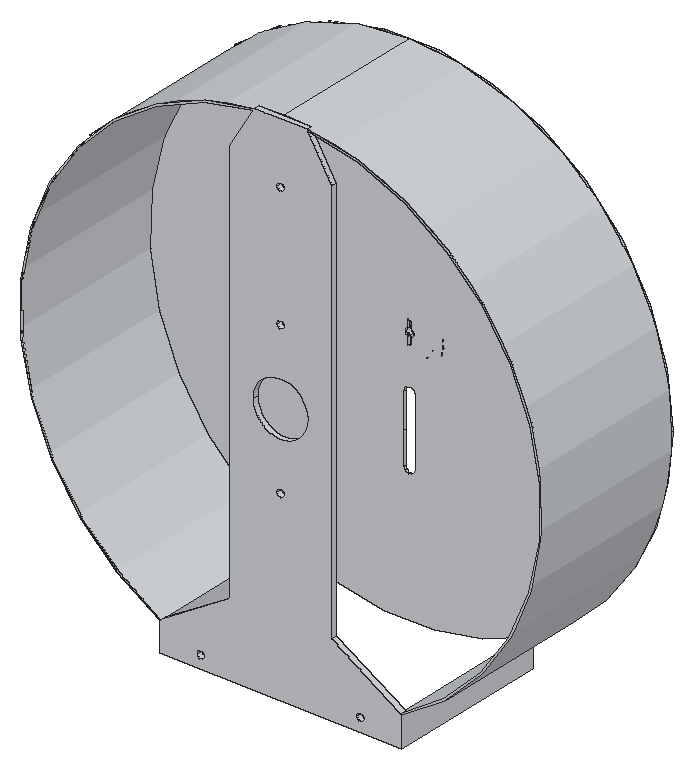
Revit family "AX8600_0012", category Appareils sanitaires, Revit 2016
Family settings
  Hôte = Mur
  Type d'élément = Normal
  Cote de connecteur circulaire = Utiliser le diamètre
  Numéro OmniClass = 23.75.00.00
  Titre OmniClass = Climate Control (HVAC)
  Toujours verticalement = Oui
  Couper avec des vides une fois chargée = Non
  Partagée = Non
  Point de calcul de pièce = Non
Parameters (values of type "Type 1")
  URL = "http://www.axeuro.com/fr/distributeurs-de-papier-toilette/15325-distributeur-de-papier-toilette-ax8600.html?search_query=ax8600&results=2"
  Type de produit / Type of product = "Distributeur de papier toilette / Toilet tissue dispenser"  # constant formula
  Référence / Reference = "AX8600, AX8600W"  # constant formula
  Model = ""
  Manufacturer = ""
  Entreprise / Company = "Axeuro"  # constant formula
  Description = ""
Reference planes
  plane 1 "Mur": y = 0
  plane 2 "Centre (gauche/droite)": x = 0
  plane 3 "Arrière": y = 75
Forms (mm)
  Extrusion 1, solid
    sketch origin (-144.619, 75, -38.112) x (1, 0, 0) y (0, 0, 1)
      loop
        line (62.526, 1015.163) -> (61.097, 1015.163) -> (61.097, 994.612) -> (62.526, 994.612) -> (62.526, 1015.163)
    from -110.967 to 0
  Extrusion 2, solid
    sketch origin (0, 74.043, -8.535) x (1, 0, 0) y (0, 0, 1)
      loop
        circle (0, 1143.371) r 16.5
    from -116.129 to -112.957
  Extrusion 3, void
    sketch origin (0.014, 74.043, -1.664) x (1, 0, 0) y (0, 0, 1)
      loop
        line (1.075, 1139.439) -> (1.075, 1144.532) -> (-1.103, 1144.532) -> (-1.103, 1139.429)
        arc (-1.103, 1139.429) -> (-3.13, 1136.5) -> (-1.103, 1133.571) r 3.13
        line (-1.103, 1133.571) -> (-1.103, 1128.485) -> (1.075, 1128.485) -> (1.075, 1133.561)
        arc (1.075, 1133.561) -> (3.13, 1136.5) -> (1.075, 1139.439) r 3.13
    from -116.129 to -111.924
  Extrusion 4, void
    sketch origin (-2.443, 73.009, 20.871) x (1, 0, 0) y (0, 0, 1)
      loop
        line (6.293, 1052.856) -> (6.293, 1076.779)
        arc (6.293, 1076.779) -> (2.443, 1080.629) -> (-1.407, 1076.779) r 3.85
        line (-1.407, 1076.779) -> (-1.407, 1052.856) -> (-1.407, 1030.679)
        arc (-1.407, 1030.679) -> (2.443, 1026.829) -> (6.293, 1030.679) r 3.85
        line (6.293, 1030.679) -> (6.293, 1052.856)
    from -113.966 to -111.924
  Extrusion 5, solid
    sketch origin (0, 75, 0) x (1, 0, 0) y (0, 0, 1)
      loop
        line (83.523, 956.5) -> (83.523, 977.402) -> (35, 1007.051) -> (35, 1286.5) -> (18.021, 1315.596)
        arc (18.021, 1315.596) -> (0, 1316.5) -> (-18.021, 1315.596) r 180
        line (-18.021, 1315.596) -> (-35, 1286.5) -> (-35, 1007.051) -> (-83.523, 977.051) -> (-83.523, 956.5) -> (83.523, 956.5)
    from -3.608 to 0
  Extrusion 6, void
    sketch origin (8.527, 75, -40.494) x (-1, 0, 0) y (0, 0, -1)
      loop
        circle (-46.473, -1005.97) r 2.6
    from -3.608 to 0
  Extrusion 7, void
    sketch origin (46.473, 75, 267.519) x (1, 0, 0) y (0, 0, 1)
      loop
        circle (-46.473, 1005.97) r 2.6
    from -3.608 to 0
  Extrusion 8, void
    sketch origin (46.473, 75, 182.519) x (1, 0, 0) y (0, 0, 1)
      loop
        circle (-46.473, 1005.97) r 2.6
    from -3.608 to 0
  Extrusion 9, void
    sketch origin (46.473, 75, 130.53) x (1, 0, 0) y (0, 0, 1)
      loop
        circle (-46.473, 1005.97) r 19
    from -3.608 to 0
  Extrusion 10, solid
    sketch origin (0, 74.043, 0) x (1, 0, 0) y (0, 0, 1)
      loop
        circle (0, 1136.5) r 180
    from -112.957 to -111.924
  Revolve 11, solid
    sketch origin (0, -0.957, -11.664) x (0, 1, 0) y (0, 0, 1)
      loop
        line (187.957, 1146.19) -> (188.866, 1146.19) -> (188.866, 1161.929) -> (188.866, 1163.442)
        arc (188.866, 1163.442) -> (188.998, 1163.988) -> (189.265, 1164.483) r 2.186
        arc (189.265, 1164.483) -> (189.737, 1165.985) -> (189.22, 1167.472) r 2.505
        arc (189.22, 1167.472) -> (188.65, 1168.055) -> (187.957, 1168.485) r 3.399
        line (187.957, 1168.485) -> (187.957, 1146.19)
      axis (189.265, 1146.19) -> (187.957, 1146.19)
    angle from 0 to 360
  Extrusion 12, void
    sketch origin (-8.527, 75, -40.494) x (1, 0, 0) y (0, 0, 1)
      loop
        circle (-46.473, 1005.97) r 2.6
    from -3.608 to 0
  Extrusion 13, solid
    sketch origin (144.619, 75, -38.112) x (-1, 0, 0) y (0, 0, -1)
      loop
        line (62.526, -1015.163) -> (62.526, -994.612) -> (61.097, -994.612) -> (61.097, -1015.163) -> (62.526, -1015.163)
    from -112 to 0
  Extrusion 14, void
    sketch origin (46.473, 75, 2090.458) x (1, 0, 0) y (0, 0, 1)
      loop
        circle (-46.473, -1005.97) r 2.6
    from -3.608 to 0
  Extrusion 15, solid
    sketch origin (0, 75, 0) x (1, 0, 0) y (0, 0, 1)
      loop
        line (-82.093, 976.31) -> (-82.093, 977.435)
        arc (-82.093, 977.435) -> (-173.943, 1178.749) -> (0.019, 1315.5) r 179
        arc (0.019, 1315.5) -> (173.947, 1178.73) -> (82.093, 977.435) r 179
        line (82.093, 977.435) -> (82.093, 976.31)
        arc (82.093, 976.31) -> (174.977, 1178.727) -> (-0.004, 1316.5) r 180
        arc (-0.004, 1316.5) -> (-174.978, 1178.723) -> (-82.093, 976.31) r 180
    from -110.967 to 0
Cuts and joins
  Extrusion 3 cuts Extrusion 2
  Extrusion 6, Extrusion 7, Extrusion 8, Extrusion 9, Extrusion 12, Extrusion 14 cuts Extrusion 5
  Extrusion 3, Extrusion 4 cuts Extrusion 10
  joined: Extrusion 1, Extrusion 5, Extrusion 10, Extrusion 13, Extrusion 15
  Extrusion 3 cuts Revolve 11
Lines and regions (mm)
  reference lines
    curve 1: line (-12.225, 190, 0) -> (-12.225, 193.172, 0)
    curve 2: line (0, 75, 956.5) -> (-83.523, 75, 956.5)
    curve 3: line (0, 75, 956.5) -> (83.523, 75, 956.5)
Text (mm)
  text "Côté de la mise en place" at (-1820.995, 1116.779, 0), in view "Niveau de réf."
  text "Côté de la mise en place" at (0, 1334.055, 2976.191), in view "Gauche"
  text "Côté de la mise en place" at (0, 439.194, 2944.362), in view "Droite"
Dimensions and locks
  host wall to plane 3 "Arrière" = 75 mm
  aligned and locked: plane 1 "Mur" to host wall
